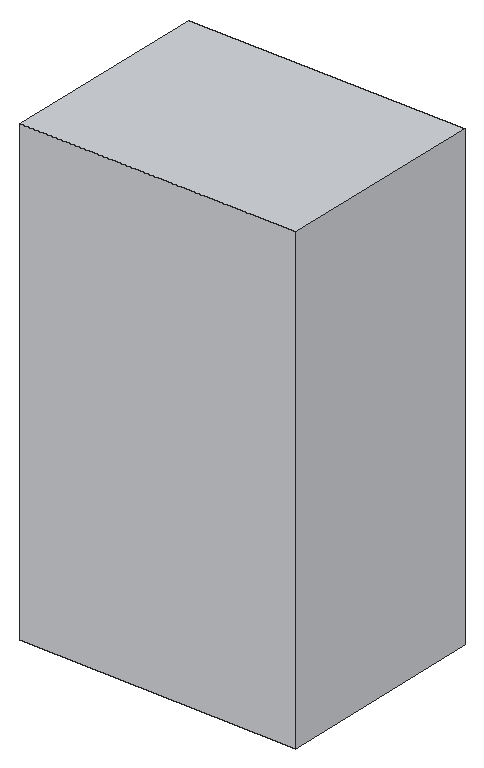
Revit family
Parameters
  Warranty Duration (Years) = 0
  Unit Length [instance] = 1' - 6"
  URL = "http://www.americanspecialties.com/viewCategories.cfm"
  Body Material = Metal - Stainless Steel
  Test Data = ""
  Trim Material = Metal - Stainless Steel
  Specification = "http://www.arcat.com/sdspecs/htm/10810asi.htm"
  SpecWizard = ""
  Send Message = "http://www.arcat.com/users.pl?action=UserEmail&company=American%20Specialties,%20Inc.&coid=30448&rep=139&fax=914-476-0688&mf="
  Sales Information = "http://www.americanspecialties.com/contact"
  Revision = "R1_10-2010"
  Product Properties = "http://www.americanspecialties.com/datasheets/7355.pdf"
  Product Data = "http://www.arcat.com/arcatcos/cos30/arc30448.html"
  Model = "As Specified in 10 28 13"
  Manufacturer Website = "http://www.americanspecialties.com/viewCategories.cfm"
  Manufacturer Phone - Toll Free = ""
  Manufacturer Phone = "914-476-9000 "
  Manufacturer Fax = "914-476-0688"
  Manufacturer Address = "441 Saw Mill River Rd., Yonkers, NY 10701"
  Manufacturer = "American Specialties, Inc."
  Maintenance Schedule (Months) = 0
  Keynote = "10 28 13"
  Installation-Fabrication = "http://www.americanspecialties.com/products.cfm"
  Green Building-LEED = ""
  Expected Lifespan (Years) = 0
  Drawn By = "Robert S. Weygant. CSI, CDT, SCIP"  # constant formula
  Description = "Toilet Accessory as Specified in 10 28 13"
  Default Elevation = 4' - 0"
  Copyright = "©Arcat Inc."
  Construction Details = "http://www.arcat.com/green/clients/leed_data_30448.html"
  Building Codes = "http://www.americanspecialties.com/products.cfm"
  Assembly Code = "C1030210"
Reference planes (in)
  plane 1 "Center (Front/Back)": y = -0.29112
  plane 2 "Floor Line": z = 0
  plane 3 "Center (Left/Right)": x = -0.65843
  plane 4: x = -8.65843
  plane 5: x = 7.34157
  plane 6: z = 0.4375
  plane 7: x = -9.65843
  plane 8: x = 8.34157
  plane 9: z = 3.25
  plane 10: x = -2.53343
  plane 11: x = 1.21657
Forms (in)
  Extrusion 1, solid
    sketch origin (-3, -9, -6) x (0, 0, -1) y (1, 0, 0)
      loop
        line (-82, 26) -> (-82, -19.34712) -> (-6, -19.34712) -> (-6, 26) -> (-82, 26)
    from 9 to -25.60721
  Extrusion 2, solid, material "Metal - Stainless Steel" <- "Body Material"
    sketch origin (4.0073, 1.98146, 0) x (1, 0, 0) y (0, 1, 0)
      loop
        arc (-13.54073, -1.27258) -> (-13.62912, -1.30919) -> (-13.66573, -1.39758) r 0.125
        line (-13.66573, -1.39758) -> (-13.66573, -3.14758)
        arc (-13.66573, -3.14758) -> (-13.62912, -3.23597) -> (-13.54073, -3.27258) r 0.125
        line (-13.54073, -3.27258) -> (-11.79073, -3.27258)
        arc (-11.79073, -3.27258) -> (-11.70234, -3.23597) -> (-11.66573, -3.14758) r 0.125
        line (-11.66573, -3.14758) -> (-11.66573, -1.39758)
        arc (-11.66573, -1.39758) -> (-11.70234, -1.30919) -> (-11.79073, -1.27258) r 0.125
        line (-11.79073, -1.27258) -> (-13.54073, -1.27258)
    from 0 to 0.4375
  Extrusion 3, solid, material "Metal - Stainless Steel" <- "Body Material"
    sketch origin (-5.32416, 1.98146, 0) x (-1, 0, 0) y (0, -1, 0)
      loop
        line (-13.54073, 1.27258) -> (-11.79073, 1.27258)
        arc (-11.79073, 1.27258) -> (-11.70234, 1.30919) -> (-11.66573, 1.39758) r 0.125
        line (-11.66573, 1.39758) -> (-11.66573, 3.14758)
        arc (-11.66573, 3.14758) -> (-11.70234, 3.23597) -> (-11.79073, 3.27258) r 0.125
        line (-11.79073, 3.27258) -> (-13.54073, 3.27258)
        arc (-13.54073, 3.27258) -> (-13.62912, 3.23597) -> (-13.66573, 3.14758) r 0.125
        line (-13.66573, 3.14758) -> (-13.66573, 1.39758)
        arc (-13.66573, 1.39758) -> (-13.62912, 1.30919) -> (-13.54073, 1.27258) r 0.125
    from 0 to 0.4375
  Extrusion 4, solid, material "Metal - Stainless Steel" <- "Body Material"
    sketch origin (0, 0, 0) x (1, 0, 0) y (0, 1, 0)
      loop
        line (-8.90843, 0.20888) -> (-8.90843, -0.79112) -> (-8.40843, -0.79112) -> (-8.40843, 0.20888) -> (-8.90843, 0.20888)
    from 0.4375 to 3.25
  Extrusion 5, solid, material "Metal - Stainless Steel" <- "Body Material"
    sketch origin (-1.31687, 0, 0) x (-1, 0, 0) y (0, -1, 0)
      loop
        line (-8.90843, -0.20888) -> (-8.40843, -0.20888) -> (-8.40843, 0.79112) -> (-8.90843, 0.79112) -> (-8.90843, -0.20888)
    from 0.4375 to 3.25
  Extrusion 6, solid, material "Metal - Stainless Steel" <- "Body Material"
    sketch origin (-0.65843, 0, 0) x (0, 1, 0) y (0, 0, 1)
      loop
        circle (-0.29112, 2.68576) r 0.43924
    from -8 to 8
Dimensions and locks (in)
  equal spacing: plane 8, plane 3 "Center (Left/Right)", plane 7
  "Unit Length": plane 8 to plane 7
  locked: plane 4 to plane 7 at 1
  locked: plane 5 to plane 8 at 1
  aligned and locked: plane 6 to Extrusion 2
  aligned and locked: plane 6 to Extrusion 3
  aligned and locked: Extrusion 5 to plane 6
  aligned and locked: Extrusion 4 to plane 6
  aligned and locked: Extrusion 2 to plane 7
  aligned and locked: Extrusion 3 to plane 8
  aligned and locked: plane 9 to Extrusion 4
  aligned and locked: plane 9 to Extrusion 5
  aligned and locked: Extrusion 6 to plane 4
  aligned and locked: plane 5 to Extrusion 6
Automatic sketch dimensions
  Extrusion 1 sketch curve to Extrusion 1 sketch curve = 6' - 4"
  Extrusion 1 sketch curve to Extrusion 1 sketch curve = 3' - 9.34712"
  Extrusion 2 sketch curve to plane 7 = 0' - 0"
  plane 7 to Extrusion 2 sketch curve = 0' - 0 1/8"  (x2)
  plane 4 to Extrusion 2 sketch curve = 0' - 0 7/8"  (x2)
  Extrusion 2 sketch curve to Extrusion 2 sketch curve = 0' - 0 1/8"
  plane 1 "Center (Front/Back)" to Extrusion 2 sketch curve = 0' - 1"
  Extrusion 2 sketch curve to plane 1 "Center (Front/Back)" = 0' - 0 7/8"
  Extrusion 3 sketch curve to plane 8 = 0' - 0"
  Extrusion 3 sketch curve to plane 8 = 0' - 0 1/8"  (x2)
  plane 5 to Extrusion 3 sketch curve = 0' - 0 7/8"  (x2)
  Extrusion 3 sketch curve to Extrusion 3 sketch curve = 0' - 0 1/8"
  Extrusion 3 sketch curve to plane 1 "Center (Front/Back)" = 0' - 1"
  plane 1 "Center (Front/Back)" to Extrusion 3 sketch curve = 0' - 0 7/8"
  Extrusion 4 sketch curve to plane 4 = 0' - 0 1/4"
  plane 4 to Extrusion 4 sketch curve = 0' - 0 1/4"
  plane 1 "Center (Front/Back)" to Extrusion 4 sketch curve = 0' - 0 1/2"
  Extrusion 4 sketch curve to plane 1 "Center (Front/Back)" = 0' - 0 1/2"
  Extrusion 5 sketch curve to plane 5 = 0' - 0 1/4"
  plane 5 to Extrusion 5 sketch curve = 0' - 0 1/4"
  Extrusion 5 sketch curve to plane 1 "Center (Front/Back)" = 0' - 0 1/2"
  plane 1 "Center (Front/Back)" to Extrusion 5 sketch curve = 0' - 0 1/2"
  Extrusion 6 sketch curve to plane 1 "Center (Front/Back)" = 0' - 0"
  Extrusion 6 sketch curve to plane 9 = 0' - 0.56424"
  radius of Extrusion 6 sketch curve = 0' - 0.43924"
